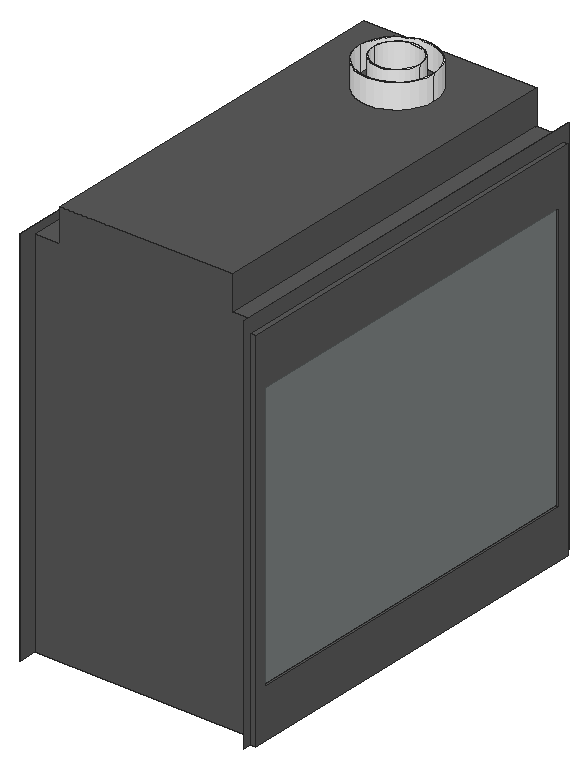
Revit family "H42DF-ST", category Generic Models, Revit 2019
Family settings
  Can host rebar = No
  Round Connector Dimension = Use Diameter
  Part Type = Normal
  Work Plane-Based = No
  Always vertical = Yes
  Cut with Voids When Loaded = No
  Shared = No
  Room Calculation Point = No
Parameters
  Width = 12 5/16"
  URL = "https://www.montigo.com/"
  Model = ""
  Manufacturer Fax = ""
  Manufacturer Website = "https://www.montigo.com/"
  Manufacturer Phone - Toll Free = "800-378-3115"
  Manufacturer Phone = ""
  Manufacturer Address = "27342 Gloucester Way  Langley, BC, Canada   V4W 4A1"
  Manufacturer = "Montigo"
  Length = 53 7/16"
  Keynote = ""
  Glazing Tint = Glass - Montigo - Tint as Specified
  Frame Material = Metal - Montigo - Black
  Firebox Material = Metal - Montigo - White
  Fire Place Length = 50 5/16"
  Fire Place Height = 24 1/2"
  Fire Place - Opening = 16 9/16"
  Description = "Montigo Fireplace as Specified"
  Base Height = 6 9/16"
Reference planes (in)
  plane 1 "Center (Front/Back)": y = 0
  plane 2: z = 0
  plane 3 "Center (Left/Right)": x = 0
  plane 4: z = 5.25
  plane 5: z = 34
Forms (in)
  Extrusion 1, solid, material "Metal - Montigo - Black" <- "Frame Material"
    sketch origin (0, -46.333, 0) x (1, 0, 0) y (0, 1, 0)
      loop
        line (-9.29925, 46.333) -> (9.29925, 46.333) -> (9.29925, 87.1493) -> (-9.29925, 87.1493) -> (-9.29925, 46.333)
    from 0 to 43.875
  Extrusion 2, solid, material "Metal - Montigo - Black" <- "Frame Material"
    sketch origin (0.0625, -50.8195, 0) x (1, 0, 0) y (0, 1, 0)
      loop
        line (11.9715, 92.5073) -> (11.909, 92.5073) -> (11.909, 48.9473) -> (11.9715, 48.9473) -> (11.9715, 92.5073)
      loop
        line (-12.0965, 92.5073) -> (-12.0965, 48.9473) -> (-12.034, 48.9473) -> (-12.034, 92.5073) -> (-12.0965, 92.5073)
    from 0 to 41.125
  Extrusion 3, solid, material "Metal - Montigo - Black" <- "Frame Material"
    sketch origin (0, -46.333, 0) x (1, 0, 0) y (0, 1, 0)
      loop
        line (-11.9715, 46.333) -> (11.9715, 46.333) -> (11.9715, 87.069) -> (-11.9715, 87.069) -> (-11.9715, 46.333)
    from 0 to 40.25
  Extrusion 4, solid, material "Metal - Montigo - Black" <- "Frame Material"
    sketch origin (0, -50.8195, 0) x (1, 0, 0) y (0, 1, 0)
      loop
        line (-12.034, 49.7273) -> (-12.034, 91.7273) -> (-12.6255, 91.7273) -> (-12.6255, 49.7273) -> (-12.034, 49.7273)
      loop
        line (12.034, 49.7273) -> (12.6255, 49.7273) -> (12.6255, 91.7273) -> (12.034, 91.7273) -> (12.034, 49.7273)
    from 0 to 39.625
  Extrusion 5, void
    sketch origin (0, 0, 0) x (0, 1, 0) y (0, 0, 1)
      loop
        line (39.6578, 5.25) -> (39.6578, 34) -> (0.1578, 34) -> (0.1578, 5.25) -> (39.6578, 5.25)
    from 12.6255 to 12.375
  Extrusion 6, void
    sketch origin (0, 0, 0) x (0, 1, 0) y (0, 0, -1)
      loop
        line (39.6578, -5.25) -> (0.1578, -5.25) -> (0.1578, -34) -> (39.6578, -34) -> (39.6578, -5.25)
    from 12.6255 to 12.375
Cuts and joins
  Extrusion 5, Extrusion 6 cuts Extrusion 1
  Extrusion 5, Extrusion 6 cuts Extrusion 2
  Extrusion 5, Extrusion 6 cuts Extrusion 3
  joined: Extrusion 1, Extrusion 2, Extrusion 3
  Extrusion 5, Extrusion 6 cuts Extrusion 4
Lines and regions (in)
  symbolic lines
    curve 1: line (0, 19.9078, 39.625) -> (0, 19.9078, -12.375)
    curve 2: line (0, 39.6578, 5.25) -> (0, 0.1578, 5.25)
Dimensions and locks (in)
  level to nested 4 = 37 11/16"
  nested 4 to level = 37 11/16"
  plane 1 "Center (Front/Back)" to Extrusion 1 = 40.8163"
  cut or joined group of Extrusion 1, Extrusion 2, Extrusion 3, Extrusion 5, Extrusion 6 to level = 43 7/8"
  cut or joined group of Extrusion 1, Extrusion 2, Extrusion 3, Extrusion 5, Extrusion 6 to level = 40 1/4"
  plane 5 to plane 4 to level = 28 3/4", 5 1/4"
  plane 1 "Center (Front/Back)" to nested 2 = 33.6913"
  aligned and locked: level to plane 2
  aligned and locked: nested 2 to nested 1
  aligned and locked: nested 2 to plane 3 "Center (Left/Right)"
  aligned and locked: nested 1 to plane 3 "Center (Left/Right)"
  aligned and locked: nested 4 to plane 3 "Center (Left/Right)"
  aligned and locked: nested 3 to plane 3 "Center (Left/Right)"
Nested families (in)
  nested 1: "Duct Dia" at (0, 33.6913, 43.875) x (-1, 0, 0) z (0, 0, 1), type "5""
    with Intake Duct Dia 5", Intake Diameter 4 7/8", Height 3"
  nested 2: "Duct Dia" at (0, 33.6913, 43.875) x (-1, 0, 0) z (0, 0, 1), type "8""
    with Intake Duct Dia 8", Intake Diameter 7 7/8", Height 2 5/8"
  nested 3: "Duct Dia" at (0, 40.8163, 37.6875) x (-1, 0, 0) z (0, 1, 0), type "5""
    with Intake Duct Dia 5", Intake Diameter 4 7/8", Height 3"
  nested 4: "Duct Dia" at (0, 40.8163, 37.6875) x (-1, 0, 0) z (0, 1, 0), type "8""
    with Intake Duct Dia 8", Intake Diameter 7 7/8", Height 2 5/8"
Connectors (in)
  hvac at (0, 33.6913, 46.875)
    settings: on nested 1, index 4, duct flow 0.0 L/s, flow factor 0, pres drop 0.0 Pa, loss coef 0, conn angle 0.00°, conn width 304.8 mm, conn height 304.8 mm, conn diameter 127 mm, duct sys type 3, conn prof type 0, flow config 0, flow direction 0, loss method 0, conn ref index -1, conn util no, is conn primary yes, conn desc ""
  hvac at (0, 33.6913, 46.5)
    settings: on nested 2, index 5, duct flow 0.0 L/s, flow factor 0, pres drop 0.0 Pa, loss coef 0, conn angle 0.00°, conn width 304.8 mm, conn height 304.8 mm, conn diameter 203.2 mm, duct sys type 3, conn prof type 0, flow config 0, flow direction 0, loss method 0, conn ref index -1, conn util no, is conn primary no, conn desc ""
  hvac at (0, 43.8163, 37.6875)
    settings: on nested 3, index 6, duct flow 0.0 L/s, flow factor 0, pres drop 0.0 Pa, loss coef 0, conn angle 0.00°, conn width 304.8 mm, conn height 304.8 mm, conn diameter 127 mm, duct sys type 3, conn prof type 0, flow config 0, flow direction 0, loss method 0, conn ref index -1, conn util no, is conn primary no, conn desc ""
  hvac at (0, 43.4413, 37.6875)
    settings: on nested 4, index 7, duct flow 0.0 L/s, flow factor 0, pres drop 0.0 Pa, loss coef 0, conn angle 0.00°, conn width 304.8 mm, conn height 304.8 mm, conn diameter 203.2 mm, duct sys type 3, conn prof type 0, flow config 0, flow direction 0, loss method 0, conn ref index -1, conn util no, is conn primary no, conn desc ""
Definition of nested family "Duct Dia"
  Parameters (values of type "15 7/8" Dia.")
    Intake Duct Dia = 15 7/8"
    Intake Diameter = Intake Duct Dia - 1/8"  # 15 3/4"
    Height = 4"
    Firebox Material = none
    Default Elevation = 48"
  Types (12): name | Intake Duct Dia | Intake Diameter | Height
    9 7/8" Dia. | 9 7/8" | 9 3/4" | 4"
    7 7/8" Dia | 7 7/8" | 7 3/4" | 4"
    8 1/8" Dia | 8 1/8" | 8" | 1/4"
    11 3/4" Dia | 11 3/4" | 11 5/8" | 4"
    4" Dia | 10" | 9 7/8" | 4"
    7 3/4" Dia | 7 3/4" | 7 5/8" | 4"
    6 7/8" Dia | 6 7/8" | 6 3/4" | 1/4"
    9 3/4" Dia. | 9 3/4" | 9 5/8" | 4"
    7 1/8" Dia | 7 1/8" | 7" | 1/4"
    11 7/8" Dia. | 11 7/8" | 11 3/4" | 4"
    13 7/8" Dia. | 13 7/8" | 13 3/4" | 4"
    15 7/8" Dia. | 15 7/8" | 15 3/4" | 4"
  Reference planes (in)
    plane 1 "Center (Front/Back)": y = 0
    plane 2: z = 0
    plane 3 "Center (Left/Right)": x = 0
    plane 4: z = 4
  Forms (in)
    Extrusion 1, solid
      sketch origin (0, 0, 0) x (1, 0, 0) y (0, 1, 0)
        loop
          line (-48, 48) -> (-48, -48) -> (48, -48) -> (48, 48) -> (-48, 48)
      from 0 to -12
    Extrusion 2, solid, material <- "Firebox Material"
      sketch origin (0, 0, 0) x (1, 0, 0) y (0, 1, 0)
        loop
          circle (0, 0) r 7.9375
        loop
          circle (0, 0) r 7.875
      from 0 to 4
  Dimensions and locks (in)
    "Height": plane 4 to level
    "Intake Duct Dia": diameter of Extrusion 2 sketch curve
    "Intake Diameter": diameter of Extrusion 2 sketch curve
    aligned and locked: plane 2 to Extrusion 1
    aligned and locked: level to Extrusion 1
    aligned and locked: plane 4 to Extrusion 2
  Automatic sketch dimensions
    Extrusion 1 sketch curve to Extrusion 1 sketch curve = 96"  (x2)
    Extrusion 2 sketch curve to Extrusion 2 sketch curve = 0"  (x2)
    plane 1 "Center (Front/Back)" to Extrusion 2 sketch curve = 0"
    Extrusion 2 sketch curve to plane 3 "Center (Left/Right)" = 0"
